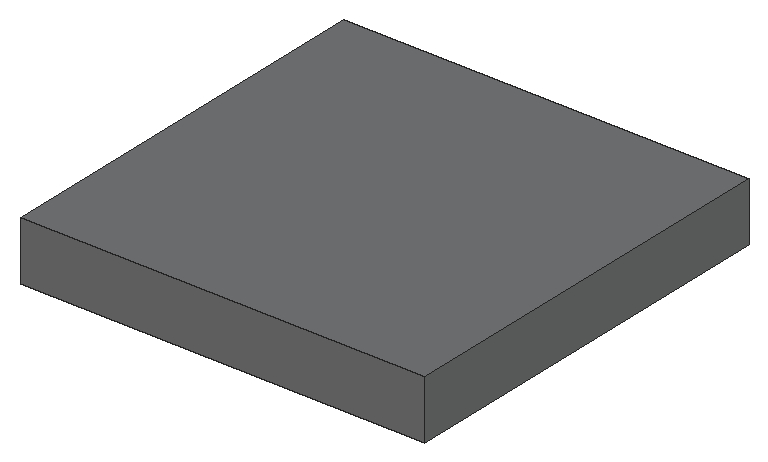
Revit family "Gira_028401", category Electrical Fixtures, host Face, Revit 2017
Family settings
  Host = Face
  Maintain Annotation Orientation = No
  Round Connector Dimension = Use Diameter
  Part Type = Normal
  Cut with Voids When Loaded = No
  Shared = No
  Room Calculation Point = No
Parameters (values of type "Abd. BSF UAE/IAE + Netzwerk System 55 Cremeweiß")
  Zusammenstellung = "Zentralplatte"
  Werkstoffgüte = "sonstige"
  Werkstoff = "Kunststoff"
  Verwendung = "UAE/IAE"
  URL = "http://katalog.gira.de/de_DE/datenblatt.html?artikelnr=028401"
  Transparent = "No"
  Tragring = "No"
  Region = "DE"
  RAL-Nummer (ähnlich) = "1013 "
  Oberfläche = "sonstige"
  Name = "Abd. BSF UAE/IAE + Netzwerk System 55 Cremeweiß"
  Montageart = "unter Putz"
  Mit Zugentlastung = "No"
  Mit Staubschutz = "No"
  Mit Klappdeckel = "No"
  Mit Aufdruck = "No"
  Manufacturer URL = "https://www.gira.de/"
  Lüsterklemme = "No"
  Keynote = "Sys55_Abdeckung_Schalten und Tasten"
  HeinzeBIM = "https://bimportal.heinze.de/bim/abd-bsf-uae-iae-netzwerk-system-55-cremeweiss/8b922ced9a72596e67884c41b2ed4e430b4527fc"
  Halogenfrei = "Yes"
  HAN = "028401"
  Geeignet für Schutzart (IP) = "IP20"
  GTIN = "4010337284017"
  Farbe = "cremeweiß (elektroweiß)"
  Default Elevation = 1219.2 mm
  Data sheet (1) = "https://katalog.gira.de/de_DE/download.html?artikelnr=028401"
  Category = "Einsatz/Abdeckung für Kommunikationstechnik"
  Beschriftungsfeld = "mit Beschriftungsfeld"
  Befestigungsart = "Befestigung mit Schraube"
  Available = "Yes"
  Ausführung der Oberfläche = "glänzend"
  Anthrazit [instance] = Anthrazit
Reference planes
  plane 1 "Center (Front/Back)": y = 0
  plane 2: z = 0
  plane 3 "Center (Left/Right)": x = 0
Forms (mm)
  Extrusion 1, solid, material "Anthrazit" <- "Anthrazit", detail levels fine
    sketch origin (0, 0, 0) x (1, 0, 0) y (0, 1, 0)
      loop
        line (-27.5, 27.5) -> (-27.5, -27.5) -> (27.5, -27.5) -> (27.5, 27.5) -> (-27.5, 27.5)
    from 0 to 8
  Extrusion 2, void
    sketch origin (0, 0, 0) x (1, 0, 0) y (0, 1, 0)
      loop
        line (26, 26) -> (-26, 26) -> (-26, -26) -> (26, -26) -> (26, 26)
    from 0 to 6
  Extrusion 3, solid, material "Anthrazit" <- "Anthrazit", detail levels medium
    sketch origin (0, 0, 0) x (1, 0, 0) y (0, 1, 0)
      loop
        line (-27.5, 27.5) -> (-27.5, -27.5) -> (27.5, -27.5) -> (27.5, 27.5) -> (-27.5, 27.5)
    from 0 to 8
  Extrusion 4, solid, material "Anthrazit" <- "Anthrazit", detail levels medium
    sketch origin (0, 0, 0) x (1, 0, 0) y (0, 1, 0)
      loop
        line (11, -17.5) -> (11, 17.5) -> (-11, 17.5) -> (-11, -17.5) -> (11, -17.5)
    from -6 to 6
  Extrusion 5, solid, material "Anthrazit" <- "Anthrazit", detail levels fine
    sketch origin (0, 0, 0) x (1, 0, 0) y (0, 1, 0)
      loop
        line (11, 17.5) -> (-11, 17.5) -> (-11, 16.5) -> (11, 16.5) -> (11, 17.5)
      loop
        line (-11, -16.5) -> (-11, -17.5) -> (11, -17.5) -> (11, -16.5) -> (-11, -16.5)
    from -4 to 6
  Extrusion 6, solid, material "Anthrazit" <- "Anthrazit", detail levels fine
    sketch origin (0, 0, 0) x (1, 0, 0) y (0, 1, 0)
      loop
        arc (5, 9.347) -> (0, 10.6) -> (-5, 9.347) r 10.6
        line (-5, 9.347) -> (-5, -9.347)
        arc (-5, -9.347) -> (0, -10.6) -> (5, -9.347) r 10.6
        line (5, -9.347) -> (5, 9.347)
    from -6 to 6
  Extrusion 7, solid, material "Anthrazit" <- "Anthrazit", detail levels coarse
    sketch origin (0, 0, 0) x (1, 0, 0) y (0, 1, 0)
      loop
        line (-27.5, 27.5) -> (-27.5, -27.5) -> (27.5, -27.5) -> (27.5, 27.5) -> (-27.5, 27.5)
    from -6 to 8
Cuts and joins
  Extrusion 2 cuts Extrusion 1
Dimensions and locks
  aligned and locked: plane 2 to host face
  aligned and locked: level to host face
